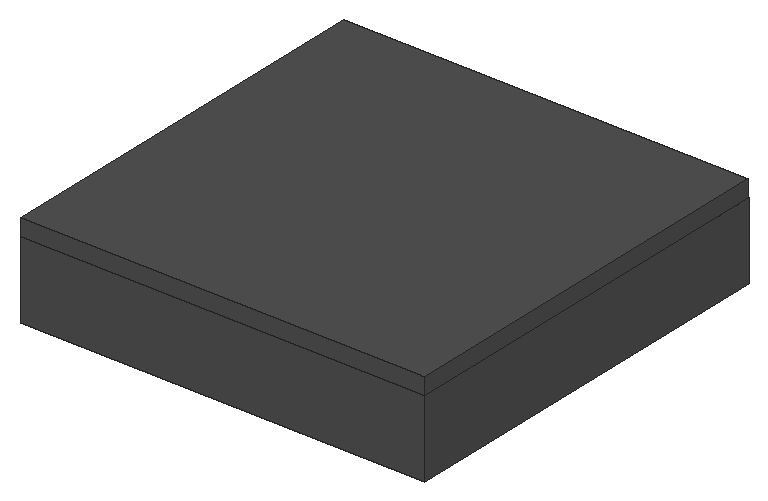
Revit family
Parameters (values of type "600 x 600mm (4 Lamps)")
  Wattage = 80 W
  built-in parameter 1150110 = 1 (stored number, unit not read)
  built-in parameter 1114217 = 1 (stored number, unit not read)
  built-in parameter 1150109 = 1 (stored number, unit not read)
  built-in parameter 1150134 = 8
  built-in parameter 1150113 = 1 (stored number, unit not read)
  built-in parameter 1150105 = 2037.2 (stored number, unit not read)
  built-in parameter 1150115 = 1 (stored number, unit not read)
  Light Source Symbol Size = 609.6 mm
  built-in parameter 1150137 = (empty or 0)
  built-in parameter 1150139 = (empty or 0)
  built-in parameter 1150112 = 1 (stored number, unit not read)
  built-in parameter 1150114 = 1 (stored number, unit not read)
  built-in parameter 1150132 = (empty or 0)
  built-in parameter 1150102 = (empty or 0)
  built-in parameter 1150107 = 4230 (stored number, unit not read)
  built-in parameter 1150138 = (empty or 0)
  built-in parameter 1150106 = 20.372 (stored number, unit not read)
  Emit from Rectangle Width = 600 mm
  Emit from Rectangle Length = 600 mm
  Emit Shape Visible in Rendering = no
  built-in parameter 1150104 = 7.4322 (stored number, unit not read)
  Dimming Lamp Color Temperature Shift = (empty or 0)
  Diffuser = Metal - Chrome
  Lamp = "T-12"
  Light Box = Metal - Chrome
  Lumens = 6400 lm
  Wattage Comments = "(4)20"
  Color Filter = 16777215
  built-in parameter 1114218 = 1 (stored number, unit not read)
  built-in parameter 1150133 = 10 (stored number, unit not read)
Types (3, lengths in mm): name | Wattage | built-in parameter 1150105 | built-in parameter 1150106 | Lumens | Wattage Comments
  (no name) | 80 W | 2037.2 (stored number, unit not read) | 20.372 (stored number, unit not read) | 6400 lm | "(4)20"
  600 x 600mm (2 Lamps) | 40 W | 1018.6 (stored number, unit not read) | 10.186 (stored number, unit not read) | 3200 lm | "(2)20"
  600 x 600mm (4 Lamps) | 80 W | 2037.2 (stored number, unit not read) | 20.372 (stored number, unit not read) | 6400 lm | "(4)20"
Reference planes
  plane 1 "Light Source Axis": y = -54.666
  plane 2 "Ceiling": z = 2438.4
  plane 3 "Light Source Axis": x = -23.504
  plane 4 "Light Source Elevation": z = 2413
  plane 5: x = -323.504
  plane 6: x = 276.496
  plane 7: y = 245.334
  plane 8: y = -354.666
  plane 9: y = 32.609
  plane 10: y = -151.541
  plane 11: y = 216.759
  plane 12: y = -335.691
  plane 13: x = -294.929
  plane 14: x = 257.521
  plane 15: x = -110.779
  plane 16: x = 73.371
Forms (mm)
  Extrusion 1, solid, material "Metal - Chrome" <- "Light Box"
    sketch origin (0, 0, 2438.4) x (1, 0, 0) y (0, 1, 0)
      loop
        line (-323.504, 245.334) -> (-323.504, -354.666) -> (276.496, -354.666) -> (276.496, 245.334) -> (-323.504, 245.334)
      loop
        line (-298.104, 219.934) -> (-298.104, -329.266) -> (251.096, -329.266) -> (251.096, 219.934) -> (-298.104, 219.934)
    from 0 to 114.3
  Extrusion 2, solid, material "Metal - Chrome" <- "Light Box"
    sketch origin (0, 0, 2438.4) x (1, 0, 0) y (0, 1, 0)
      loop
        line (-323.504, 245.334) -> (-323.504, -354.666) -> (276.496, -354.666) -> (276.496, 245.334) -> (-323.504, 245.334)
    from 114.3 to 139.7
  Extrusion 3, solid, material "Glass - White, High Luminance"
    sketch origin (0, 0, 2438.4) x (1, 0, 0) y (0, 1, 0)
      loop
        line (-298.104, 219.934) -> (-298.104, -329.266) -> (251.096, -329.266) -> (251.096, 219.934) -> (-298.104, 219.934)
    from 76.2 to 82.55
  Extrusion 4, solid, material "Glass"
    sketch origin (0, 0, 2438.4) x (1, 0, 0) y (0, 1, 0)
      loop
        line (-298.104, 219.934) -> (-298.104, -338.866) -> (260.696, -338.866) -> (260.696, 219.934) -> (-298.104, 219.934)
    from 0 to 3.175
Lines and regions (mm)
  Opening 1
    outline origin (0, 0, 2438.4) x (1, 0, 0) y (0, 1, 0)
      loop
        line (-323.504, 245.334) -> (-323.504, -354.666) -> (276.496, -354.666) -> (276.496, 245.334) -> (-323.504, 245.334)
  model lines
    curve 1: arc (159.376, -54.666, 2438.4) -> (-23.504, 128.214, 2438.4) -> (-206.384, -54.666, 2438.4) r 182.88
    curve 2: arc (-206.384, -54.666, 2438.4) -> (-23.504, -237.546, 2438.4) -> (159.376, -54.666, 2438.4) r 182.88
    curve 3: line (-298.104, -329.266, 2438.4) -> (-152.819, -183.982, 2438.4)
    curve 4: line (-152.819, 74.65, 2438.4) -> (-298.104, 219.934, 2438.4)
    curve 5: line (251.096, 219.934, 2438.4) -> (105.812, 74.65, 2438.4)
    curve 6: line (105.812, -183.982, 2438.4) -> (251.096, -329.266, 2438.4)
    curve 7: line (-298.104, 219.934, 2438.4) -> (251.096, 219.934, 2438.4)
    curve 8: line (-298.104, -329.266, 2438.4) -> (-298.104, 219.934, 2438.4)
    curve 9: line (251.096, -329.266, 2438.4) -> (-298.104, -329.266, 2438.4)
    curve 10: line (251.096, 219.934, 2438.4) -> (251.096, -329.266, 2438.4)
Dimensions and locks
  equal spacing: host sketch curve, plane 3 "Light Source Axis", host sketch curve
  equal spacing: host sketch curve, plane 1 "Light Source Axis", host sketch curve
  host sketch curve to host sketch curve = 3048 mm  (x2)
  equal spacing: plane 5, plane 3 "Light Source Axis", plane 6
  equal spacing: plane 8, plane 1 "Light Source Axis", plane 7
  plane 5 to plane 6 = 600 mm
  plane 8 to plane 7 = 600 mm
  locked: Extrusion 1 sketch curve to Extrusion 1 sketch curve at 25.4
  locked: curve 2 to curve 2 at 365.76
  equal spacing: plane 11, plane 9, plane 10, plane 12
  aligned and locked: curve 5 to curve 3
  aligned and locked: curve 4 to curve 6
  aligned and locked: plane 3 "Light Source Axis" to imposter light
  aligned and locked: plane 1 "Light Source Axis" to imposter light
  aligned and locked: plane 4 "Light Source Elevation" to imposter light
Automatic sketch dimensions
  Opening 1 sketch curve to plane 5 = 0 mm
  Opening 1 sketch curve to plane 6 = 0 mm
  Opening 1 sketch curve to plane 8 = 0 mm
  Opening 1 sketch curve to plane 7 = 0 mm
  Extrusion 1 sketch curve to plane 5 = 0 mm
  Extrusion 1 sketch curve to plane 6 = 0 mm
  Extrusion 1 sketch curve to plane 8 = 0 mm
  Extrusion 1 sketch curve to plane 7 = 0 mm
  Extrusion 1 sketch curve to plane 5 = 25.4 mm
  plane 6 to Extrusion 1 sketch curve = 25.4 mm
  Extrusion 1 sketch curve to plane 8 = 25.4 mm
  Extrusion 2 sketch curve to plane 5 = 0 mm
  Extrusion 2 sketch curve to plane 6 = 0 mm
  Extrusion 2 sketch curve to plane 8 = 0 mm
  Extrusion 2 sketch curve to plane 7 = 0 mm
  Extrusion 3 sketch curve to plane 5 = 25.4 mm
  plane 6 to Extrusion 3 sketch curve = 25.4 mm
  Extrusion 3 sketch curve to plane 8 = 25.4 mm
  plane 7 to Extrusion 3 sketch curve = 25.4 mm
  plane 13 to Extrusion 4 sketch curve = 3.175 mm
  Extrusion 4 sketch curve to plane 14 = 3.175 mm
  Extrusion 4 sketch curve to plane 12 = 3.175 mm
  plane 11 to Extrusion 4 sketch curve = 3.175 mm
  curve 2 to plane 1 "Light Source Axis" = 0 mm
  curve 2 to plane 3 "Light Source Axis" = 0 mm
  curve 8 to plane 5 = 25.4 mm
  curve 4 to curve 7 = 0 mm
  curve 3 to curve 8 = 0 mm
  plane 1 "Light Source Axis" to curve 3 = 129.316 mm
  curve 4 to plane 1 "Light Source Axis" = 129.316 mm
  plane 1 "Light Source Axis" to curve 6 = 129.316 mm
  curve 5 to plane 1 "Light Source Axis" = 129.316 mm
  plane 6 to curve 6 = 25.4 mm
  curve 9 to curve 6 = 0 mm  (x2)
  curve 5 to curve 7 = 0 mm
  curve 8 to curve 4 = 0 mm
